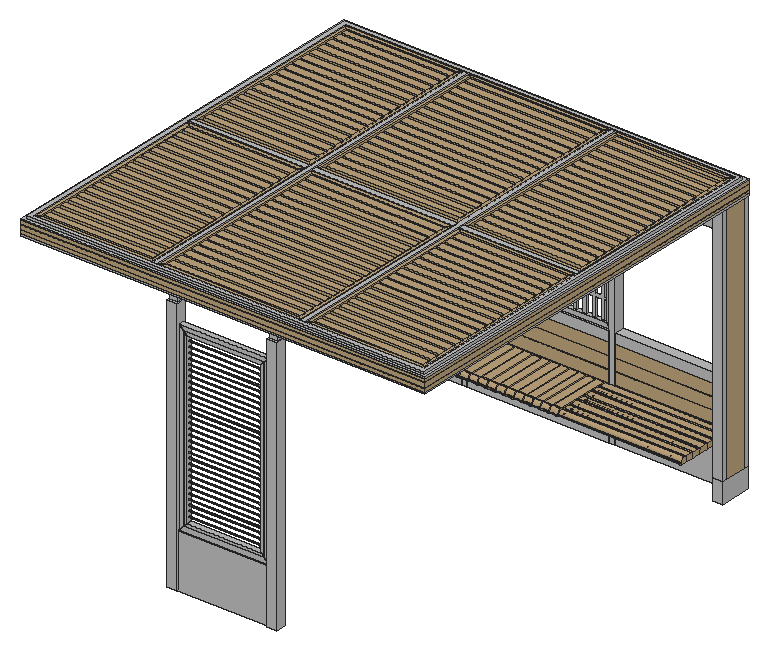
Revit family "L-FUR_파고라_DWP-N501_데오스웍스", category 일반 모델, Revit 2021
Family settings
  보강 철근 호스트 가능 = 아니오
  원형 커넥터 치수 = 지름 사용
  부품 유형 = 보통
  작업 기준면 기반 = 아니오
  항상 수직 = 예
  로드될 때 보이드를 사용하여 절단 = 아니오
  공유 = 아니오
  룸 계산 점 = 아니오
Parameters
  한국산업규격KS = ""
  조달청표준공사코드-세부공종 = "24072300"
  기본 입면도 = 0 mm
  건설정보분류체계-부위분류 = "E941"
  LIM_INFO_주의사항 = "재배포, 재가공, 판매 금지"
  LIM_INFO_제품업체 = "예건"
  LIM_INFO_제품번호 = "YF-16"
  LIM_INFO_제품명 = "펜스_YF-16"
  LIM_INFO_제작일 = "20230315"
  LIM_INFO_재료 = "Hardwood, STL-pipe, STL-plate"
  LIM_INFO_업체정보 = ""
  LIM_INFO_업체URL = "https://yekun.com/"
  LIM_INFO_업체TEL = "(+82)31-943-6114"
  LIM_INFO_업체EMAIL = "yekun@yekun.com"
  LIM_INFO_버전 = "2023_V01"
  LIM_INFO_기타정보 = ""
  LIM_INFO_규격 = "W2000 x H1800"
  LIM_INFO_가격 = 0
  LIM_INFO_PV_포장재여부 = yes
  LIM_INFO_PV_면적 = 0.00 m²
  KBIMS_식별-버전 = ""
  KBIMS_식별-bSK등록번호 = ""
  KBIMS_보급정보-저작자 = "림인포테크_MMJ"
  KBIMS_보급정보-보급코드 = ""
Reference planes
  plane 1 "중심(앞/뒤)": y = 0
  plane 2: z = 0
  plane 3 "중심(왼쪽/오른쪽)": x = 0
Dimensions and locks
  aligned and locked: level to plane 2
Nested families
  nested 1: "DWP-N501_base" at (0, 0, 0), type "DWP-N501_base"
Definition of nested family "DWP-N501_base"
  Parameters (values of type "DWP-N501_base")
    Default Elevation = 0 mm
  Reference planes
    plane 1 "중심(앞/뒤)": y = 0
    plane 2: z = 0
    plane 3 "중심(왼쪽/오른쪽)": x = 0
  Forms (mm)
    Extrusion 1, solid, detail levels fine
      sketch origin (0, 0, 0) x (1, 0, 0) y (0, 1, 0)
        loop
          line (2446.114, 85) -> (2446.114, -15) -> (2546.007, -15) -> (2546.007, 85) -> (2446.114, 85)
      from 0 to 2550
    Sweep 2, solid, detail levels fine
      path in 3D
        loop
          line (2363.797, 35.732, 2228) -> (1636.244, 35.732, 2228)
      profile "DWP-N501_프로파일 : DWP-N501_프로파일" origin (2000.02, 35.732, 2228) x (0, -1, 0) y (0, 0, 1)
        loop
          circle (0, 0) r 4.383
    Sweep 3, solid, detail levels fine
      path in 3D
        loop
          line (2363.797, 35.732, 2176) -> (1636.244, 35.732, 2176)
      profile "DWP-N501_프로파일 : DWP-N501_프로파일" origin (2000.02, 35.732, 2176) x (0, -1, 0) y (0, 0, 1)
        loop
          circle (0, 0) r 4.383
    Sweep 4, solid, detail levels fine
      path in 3D
        loop
          line (2363.797, 35.732, 2124) -> (1636.244, 35.732, 2124)
      profile "DWP-N501_프로파일 : DWP-N501_프로파일" origin (2000.02, 35.732, 2124) x (0, -1, 0) y (0, 0, 1)
        loop
          circle (0, 0) r 4.383
    Sweep 5, solid, detail levels fine
      path in 3D
        loop
          line (2363.797, 35.732, 2072) -> (1636.244, 35.732, 2072)
      profile "DWP-N501_프로파일 : DWP-N501_프로파일" origin (2000.02, 35.732, 2072) x (0, -1, 0) y (0, 0, 1)
        loop
          circle (0, 0) r 4.383
    Sweep 6, solid, detail levels fine
      path in 3D
        loop
          line (2363.797, 35.732, 2020) -> (1636.244, 35.732, 2020)
      profile "DWP-N501_프로파일 : DWP-N501_프로파일" origin (2000.02, 35.732, 2020) x (0, -1, 0) y (0, 0, 1)
        loop
          circle (0, 0) r 4.383
    Sweep 7, solid, detail levels fine
      path in 3D
        loop
          line (2363.797, 35.732, 1968) -> (1636.244, 35.732, 1968)
      profile "DWP-N501_프로파일 : DWP-N501_프로파일" origin (2000.02, 35.732, 1968) x (0, -1, 0) y (0, 0, 1)
        loop
          circle (0, 0) r 4.383
    Sweep 8, solid, detail levels fine
      path in 3D
        loop
          line (2363.797, 35.732, 1916) -> (1636.244, 35.732, 1916)
      profile "DWP-N501_프로파일 : DWP-N501_프로파일" origin (2000.02, 35.732, 1916) x (0, -1, 0) y (0, 0, 1)
        loop
          circle (0, 0) r 4.383
    Sweep 9, solid, detail levels fine
      path in 3D
        loop
          line (2363.797, 35.732, 1864) -> (1636.244, 35.732, 1864)
      profile "DWP-N501_프로파일 : DWP-N501_프로파일" origin (2000.02, 35.732, 1864) x (0, -1, 0) y (0, 0, 1)
        loop
          circle (0, 0) r 4.383
    Sweep 10, solid, detail levels fine
      path in 3D
        loop
          line (2363.797, 35.732, 1812) -> (1636.244, 35.732, 1812)
      profile "DWP-N501_프로파일 : DWP-N501_프로파일" origin (2000.02, 35.732, 1812) x (0, -1, 0) y (0, 0, 1)
        loop
          circle (0, 0) r 4.383
    Sweep 11, solid, detail levels fine
      path in 3D
        loop
          line (2363.797, 35.732, 1760) -> (1636.244, 35.732, 1760)
      profile "DWP-N501_프로파일 : DWP-N501_프로파일" origin (2000.02, 35.732, 1760) x (0, -1, 0) y (0, 0, 1)
        loop
          circle (0, 0) r 4.383
    Sweep 12, solid, detail levels fine
      path in 3D
        loop
          line (2363.797, 35.732, 1708) -> (1636.244, 35.732, 1708)
      profile "DWP-N501_프로파일 : DWP-N501_프로파일" origin (2000.02, 35.732, 1708) x (0, -1, 0) y (0, 0, 1)
        loop
          circle (0, 0) r 4.383
    Sweep 13, solid, detail levels fine
      path in 3D
        loop
          line (2363.797, 35.732, 1656) -> (1636.244, 35.732, 1656)
      profile "DWP-N501_프로파일 : DWP-N501_프로파일" origin (2000.02, 35.732, 1656) x (0, -1, 0) y (0, 0, 1)
        loop
          circle (0, 0) r 4.383
    Sweep 14, solid, detail levels fine
      path in 3D
        loop
          line (2363.797, 35.732, 1604) -> (1636.244, 35.732, 1604)
      profile "DWP-N501_프로파일 : DWP-N501_프로파일" origin (2000.02, 35.732, 1604) x (0, -1, 0) y (0, 0, 1)
        loop
          circle (0, 0) r 4.383
    Sweep 15, solid, detail levels fine
      path in 3D
        loop
          line (2363.797, 35.732, 1552) -> (1636.244, 35.732, 1552)
      profile "DWP-N501_프로파일 : DWP-N501_프로파일" origin (2000.02, 35.732, 1552) x (0, -1, 0) y (0, 0, 1)
        loop
          circle (0, 0) r 4.383
    Sweep 16, solid, detail levels fine
      path in 3D
        loop
          line (2363.797, 35.732, 1500) -> (1636.244, 35.732, 1500)
      profile "DWP-N501_프로파일 : DWP-N501_프로파일" origin (2000.02, 35.732, 1500) x (0, -1, 0) y (0, 0, 1)
        loop
          circle (0, 0) r 4.383
    Sweep 17, solid, detail levels fine
      path in 3D
        loop
          line (2363.797, 35.732, 1448) -> (1636.244, 35.732, 1448)
      profile "DWP-N501_프로파일 : DWP-N501_프로파일" origin (2000.02, 35.732, 1448) x (0, -1, 0) y (0, 0, 1)
        loop
          circle (0, 0) r 4.383
    Sweep 18, solid, detail levels fine
      path in 3D
        loop
          line (2363.797, 35.732, 1396) -> (1636.244, 35.732, 1396)
      profile "DWP-N501_프로파일 : DWP-N501_프로파일" origin (2000.02, 35.732, 1396) x (0, -1, 0) y (0, 0, 1)
        loop
          circle (0, 0) r 4.383
    Sweep 19, solid, detail levels fine
      path in 3D
        loop
          line (2363.797, 35.732, 1344) -> (1636.244, 35.732, 1344)
      profile "DWP-N501_프로파일 : DWP-N501_프로파일" origin (2000.02, 35.732, 1344) x (0, -1, 0) y (0, 0, 1)
        loop
          circle (0, 0) r 4.383
    Sweep 20, solid, detail levels fine
      path in 3D
        loop
          line (2363.797, 35.732, 1292) -> (1636.244, 35.732, 1292)
      profile "DWP-N501_프로파일 : DWP-N501_프로파일" origin (2000.02, 35.732, 1292) x (0, -1, 0) y (0, 0, 1)
        loop
          circle (0, 0) r 4.383
    Sweep 21, solid, detail levels fine
      path in 3D
        loop
          line (2363.797, 35.732, 1240) -> (1636.244, 35.732, 1240)
      profile "DWP-N501_프로파일 : DWP-N501_프로파일" origin (2000.02, 35.732, 1240) x (0, -1, 0) y (0, 0, 1)
        loop
          circle (0, 0) r 4.383
    Sweep 22, solid, detail levels fine
      path in 3D
        loop
          line (2363.797, 35.732, 1188) -> (1636.244, 35.732, 1188)
      profile "DWP-N501_프로파일 : DWP-N501_프로파일" origin (2000.02, 35.732, 1188) x (0, -1, 0) y (0, 0, 1)
        loop
          circle (0, 0) r 4.383
    Sweep 23, solid, detail levels fine
      path in 3D
        loop
          line (2363.797, 35.732, 1136) -> (1636.244, 35.732, 1136)
      profile "DWP-N501_프로파일 : DWP-N501_프로파일" origin (2000.02, 35.732, 1136) x (0, -1, 0) y (0, 0, 1)
        loop
          circle (0, 0) r 4.383
    Sweep 24, solid, detail levels fine
      path in 3D
        loop
          line (2363.797, 35.732, 1084) -> (1636.244, 35.732, 1084)
      profile "DWP-N501_프로파일 : DWP-N501_프로파일" origin (2000.02, 35.732, 1084) x (0, -1, 0) y (0, 0, 1)
        loop
          circle (0, 0) r 4.383
    Sweep 25, solid, detail levels fine
      path in 3D
        loop
          line (2363.797, 35.732, 1032) -> (1636.244, 35.732, 1032)
      profile "DWP-N501_프로파일 : DWP-N501_프로파일" origin (2000.02, 35.732, 1032) x (0, -1, 0) y (0, 0, 1)
        loop
          circle (0, 0) r 4.383
    Sweep 26, solid, detail levels fine
      path in 3D
        loop
          line (2363.797, 35.732, 980) -> (1636.244, 35.732, 980)
      profile "DWP-N501_프로파일 : DWP-N501_프로파일" origin (2000.02, 35.732, 980) x (0, -1, 0) y (0, 0, 1)
        loop
          circle (0, 0) r 4.383
    Sweep 27, solid, detail levels fine
      path in 3D
        loop
          line (2363.797, 35.732, 927.348) -> (1636.244, 35.732, 927.348)
      profile "DWP-N501_프로파일 : DWP-N501_프로파일" origin (2000.02, 35.732, 927.348) x (0, -1, 0) y (0, 0, 1)
        loop
          circle (0, 0) r 4.383
    Sweep 28, solid, detail levels fine
      path in 3D
        loop
          line (2363.797, 35.732, 875.348) -> (1636.244, 35.732, 875.348)
      profile "DWP-N501_프로파일 : DWP-N501_프로파일" origin (2000.02, 35.732, 875.348) x (0, -1, 0) y (0, 0, 1)
        loop
          circle (0, 0) r 4.383
    Sweep 29, solid, detail levels fine
      path in 3D
        loop
          line (2363.797, 35.732, 823.348) -> (1636.244, 35.732, 823.348)
      profile "DWP-N501_프로파일 : DWP-N501_프로파일" origin (2000.02, 35.732, 823.348) x (0, -1, 0) y (0, 0, 1)
        loop
          circle (0, 0) r 4.383
    Sweep 30, solid, detail levels fine
      path in 3D
        loop
          line (2363.797, 35.732, 771.348) -> (1636.244, 35.732, 771.348)
      profile "DWP-N501_프로파일 : DWP-N501_프로파일" origin (2000.02, 35.732, 771.348) x (0, -1, 0) y (0, 0, 1)
        loop
          circle (0, 0) r 4.383
    Sweep 31, solid, detail levels fine
      path in 3D
        loop
          line (2363.797, 35.732, 719.348) -> (1636.244, 35.732, 719.348)
      profile "DWP-N501_프로파일 : DWP-N501_프로파일" origin (2000.02, 35.732, 719.348) x (0, -1, 0) y (0, 0, 1)
        loop
          circle (0, 0) r 4.383
    Sweep 32, solid, detail levels fine
      path in 3D
        loop
          line (2363.797, 35.732, 667.348) -> (1636.244, 35.732, 667.348)
      profile "DWP-N501_프로파일 : DWP-N501_프로파일" origin (2000.02, 35.732, 667.348) x (0, -1, 0) y (0, 0, 1)
        loop
          circle (0, 0) r 4.383
    Extrusion 33, solid, detail levels fine
      sketch origin (1.179, 0, 10) x (1, 0, 0) y (0, 0, 1)
        loop
          line (1555.065, 2350) -> (1605.065, 2300) -> (2392.618, 2300) -> (2444.935, 2350) -> (1555.065, 2350)
        loop
          line (2391.73, 574.977) -> (1605.065, 574.977) -> (1555.065, 520.129) -> (2444.935, 520.129) -> (2391.73, 574.977)
      from -60 to -15
    Extrusion 34, solid, detail levels fine
      sketch origin (1.179, 0, 10) x (1, 0, 0) y (0, 0, 1)
        loop
          line (1555.065, 520.129) -> (1605.065, 574.977) -> (1605.065, 2300) -> (1555.065, 2350) -> (1555.065, 520.129)
        loop
          line (2392.618, 574.142) -> (2444.935, 520.129) -> (2444.935, 2350) -> (2392.618, 2300) -> (2392.618, 574.142)
      from -60 to -15
    Extrusion 35, solid, detail levels fine
      sketch origin (1.179, 0, 10) x (1, 0, 0) y (0, 0, 1)
        loop
          line (2392.618, 2300) -> (1605.065, 2300) -> (1635.065, 2270) -> (2362.618, 2270) -> (2392.618, 2300)
        loop
          line (1605.065, 574.977) -> (2392.618, 574.977) -> (2362.618, 604.977) -> (1635.065, 604.977) -> (1605.065, 574.977)
      from -60 to -15
    Extrusion 36, solid, detail levels fine
      sketch origin (1.179, 0, 10) x (1, 0, 0) y (0, 0, 1)
        loop
          line (2362.618, 604.977) -> (2392.618, 574.977) -> (2392.618, 2300) -> (2362.618, 2270) -> (2362.618, 604.977)
        loop
          line (1635.065, 2270) -> (1605.065, 2300) -> (1605.065, 574.977) -> (1635.065, 604.977) -> (1635.065, 2270)
      from -60 to -15
    Extrusion 37, solid, detail levels fine
      sketch origin (0, 0, 0) x (1, 0, 0) y (0, 0, 1)
        loop
          line (1556.244, 530.129) -> (1556.244, 0) -> (2446.114, 0) -> (2446.114, 530.129) -> (1556.244, 530.129)
      from -75 to 0
    Extrusion 38, solid, detail levels fine
      sketch origin (-987.407, 0, 0) x (1, 0, 0) y (0, 1, 0)
        loop
          line (2443.756, 85) -> (2443.756, -15) -> (2543.65, -15) -> (2543.65, 85) -> (2443.756, 85)
      from 0 to 2550
    Extrusion 39, solid, detail levels fine
      sketch origin (0, 0, 0) x (1, 0, 0) y (0, 1, 0)
        loop
          line (1468.797, 60) -> (1468.797, 15) -> (1543.797, 15) -> (1543.797, 60) -> (1468.797, 60)
        loop
          line (2456.203, 60) -> (2456.203, 15) -> (2531.203, 15) -> (2531.203, 60) -> (2456.203, 60)
      from 2550 to 2600
    Extrusion 40, solid, detail levels fine
      sketch origin (0, 0, 0) x (1, 0, 0) y (0, 0, 1)
        loop
          line (2705.171, 2257.667) -> (1294.739, 2257.667) -> (1339.739, 2212.667) -> (2660.171, 2212.667) -> (2705.171, 2257.667)
        loop
          line (1294.739, 990.129) -> (2705.171, 990.129) -> (2660.171, 1035.129) -> (1339.739, 1035.129) -> (1294.739, 990.129)
      from -3975 to -3925
    Extrusion 41, solid, detail levels fine
      sketch origin (0, 0, 0) x (1, 0, 0) y (0, 0, 1)
        loop
          line (1339.739, 2182.691) -> (1464.848, 2182.691) -> (1464.848, 2122.691) -> (1339.739, 2122.691) -> (1339.739, 2092.691) -> (1554.848, 2092.691) -> (1554.848, 2032.691) -> (1339.739, 2032.691) -> (1339.739, 2002.691) -> (1554.848, 2002.691) -> (1554.848, 1942.691) -> (1339.739, 1942.691) -> (1339.739, 1912.691) -> (1464.848, 1912.691) -> (1464.848, 1852.691) -> (1339.739, 1852.691) -> (1339.739, 1822.691) -> (1374.848, 1822.691) -> (1374.848, 1638.922) -> (1339.739, 1638.922) -> (1339.739, 1608.922) -> (1374.848, 1608.922) -> (1374.848, 1425.154) -> (1339.739, 1425.154) -> (1339.739, 1395.154) -> (1464.848, 1395.154) -> (1464.848, 1335.154) -> (1339.739, 1335.154) -> (1339.739, 1305.154) -> (1554.848, 1305.154) -> (1554.848, 1245.154) -> (1339.739, 1245.154) -> (1339.739, 1215.154) -> (1554.848, 1215.154) -> (1554.848, 1155.154) -> (1339.739, 1155.154) -> (1339.739, 1125.154) -> (1464.848, 1125.154) -> (1464.848, 1065.154) -> (1339.739, 1065.154) -> (1339.739, 1035.095) -> (1494.848, 1035.095) -> (1494.848, 1125.154) -> (1584.848, 1125.154) -> (1584.848, 1215.154) -> (1644.848, 1215.154) -> (1644.848, 1035.095) -> (1678.52, 1035.095) -> (1678.52, 1215.154) -> (1743.037, 1215.154) -> (1743.037, 1035.095) -> (1776.708, 1035.095) -> (1776.708, 1215.154) -> (2223.202, 1215.154) -> (2223.202, 1035.095) -> (2256.873, 1035.095) -> (2256.873, 1215.154) -> (2316.873, 1215.154) -> (2316.873, 1035.095) -> (2350.545, 1035.095) -> (2350.545, 1215.154) -> (2410.545, 1215.154) -> (2410.545, 1035.095) -> (2445.062, 1035.095) -> (2445.062, 1215.154) -> (2505.062, 1215.154) -> (2505.062, 1035.095) -> (2535.062, 1035.095) -> (2535.062, 1215.154) -> (2595.062, 1215.154) -> (2595.062, 1035.095) -> (2625.062, 1035.095) -> (2625.062, 1215.13) -> (2660.171, 1215.13) -> (2660.171, 1245.154) -> (2625.062, 1245.154) -> (2625.062, 1428.922) -> (2660.171, 1428.922) -> (2660.171, 1458.922) -> (2535.062, 1458.922) -> (2535.062, 1518.922) -> (2660.171, 1518.922) -> (2660.171, 1548.922) -> (2445.062, 1548.922) -> (2445.062, 1608.922) -> (2660.171, 1608.922) -> (2660.171, 1638.922) -> (2445.062, 1638.922) -> (2445.062, 1698.922) -> (2660.171, 1698.922) -> (2660.171, 1728.922) -> (2535.062, 1728.922) -> (2535.062, 1788.922) -> (2660.171, 1788.922) -> (2660.171, 1818.922) -> (2625.062, 1818.922) -> (2625.062, 2002.691) -> (2660.171, 2002.691) -> (2660.171, 2032.691) -> (2625.062, 2032.691) -> (2625.062, 2212.667) -> (2595.062, 2212.667) -> (2595.062, 2032.691) -> (2535.062, 2032.691) -> (2535.062, 2212.667) -> (2505.062, 2212.667) -> (2505.062, 2032.691) -> (2445.062, 2032.691) -> (2445.062, 2212.667) -> (2410.545, 2212.667) -> (2410.545, 2032.691) -> (2350.545, 2032.691) -> (2350.545, 2212.667) -> (2316.873, 2212.667) -> (2316.873, 2032.691) -> (2256.873, 2032.691) -> (2256.873, 2212.667) -> (2223.202, 2212.667) -> (2223.202, 2032.691) -> (1776.708, 2032.691) -> (1776.708, 2212.667) -> (1743.037, 2212.667) -> (1743.037, 2032.691) -> (1678.52, 2032.691) -> (1678.52, 2212.667) -> (1644.848, 2212.667) -> (1644.848, 2032.691) -> (1584.848, 2032.691) -> (1584.848, 2122.691) -> (1494.848, 2122.691) -> (1494.848, 2212.667) -> (1339.739, 2212.667) -> (1339.739, 2182.691)
        loop
          line (1494.848, 1638.922) -> (1554.848, 1638.922) -> (1554.848, 1912.691) -> (1494.848, 1912.691) -> (1494.848, 1638.922)
        loop
          line (1404.848, 1822.691) -> (1404.848, 1638.922) -> (1464.848, 1638.922) -> (1464.848, 1822.691) -> (1404.848, 1822.691)
        loop
          line (1404.848, 1425.154) -> (1464.848, 1425.154) -> (1464.848, 1608.922) -> (1404.848, 1608.922) -> (1404.848, 1425.154)
        loop
          line (1494.848, 1608.922) -> (1494.848, 1335.154) -> (1554.848, 1335.154) -> (1554.848, 1608.922) -> (1494.848, 1608.922)
        loop
          line (1584.848, 1245.154) -> (1644.848, 1245.154) -> (1644.848, 1608.922) -> (1584.848, 1608.922) -> (1584.848, 1335.154) -> (1584.848, 1245.154)
        loop
          line (1584.848, 1638.922) -> (1644.848, 1638.922) -> (1644.848, 2002.691) -> (1584.848, 2002.691) -> (1584.848, 1912.691) -> (1584.848, 1638.922)
        loop
          line (2595.062, 1818.922) -> (2595.062, 2002.691) -> (2535.062, 2002.691) -> (2535.062, 1818.922) -> (2595.062, 1818.922)
        loop
          line (2505.062, 2002.691) -> (2445.062, 2002.691) -> (2445.062, 1728.922) -> (2505.062, 1728.922) -> (2505.062, 2002.691)
        loop
          line (2410.545, 2002.691) -> (2350.545, 2002.691) -> (2350.545, 1638.922) -> (2410.545, 1638.922) -> (2410.545, 2002.691)
        loop
          line (2316.873, 1638.922) -> (2316.873, 2002.691) -> (2256.873, 2002.691) -> (2256.873, 1638.922) -> (2316.873, 1638.922)
        loop
          line (2223.202, 1638.922) -> (2223.202, 2002.691) -> (1776.708, 2002.691) -> (1776.708, 1638.922) -> (2223.202, 1638.922)
        loop
          line (1743.037, 2002.691) -> (1678.52, 2002.691) -> (1678.52, 1638.922) -> (1743.037, 1638.922) -> (1743.037, 2002.691)
        loop
          line (2595.062, 1428.922) -> (2535.062, 1428.922) -> (2535.062, 1245.154) -> (2595.062, 1245.154) -> (2595.062, 1428.922)
        loop
          line (2505.062, 1245.154) -> (2505.062, 1518.922) -> (2445.062, 1518.922) -> (2445.062, 1245.154) -> (2505.062, 1245.154)
        loop
          line (2410.545, 1245.154) -> (2410.545, 1608.922) -> (2350.545, 1608.922) -> (2350.545, 1245.154) -> (2410.545, 1245.154)
        loop
          line (2256.873, 1245.154) -> (2316.873, 1245.154) -> (2316.873, 1608.922) -> (2256.873, 1608.922) -> (2256.873, 1245.154)
        loop
          line (2223.202, 1245.154) -> (2223.202, 1608.922) -> (1776.708, 1608.922) -> (1776.708, 1245.154) -> (2223.202, 1245.154)
        loop
          line (1743.037, 1245.154) -> (1743.037, 1608.922) -> (1678.52, 1608.922) -> (1678.52, 1245.154) -> (1743.037, 1245.154)
      from -3954 to -3946
    Extrusion 42, solid, detail levels fine
      sketch origin (0, 0, 0) x (1, 0, 0) y (0, 0, 1)
        loop
          line (1339.739, 2212.667) -> (1294.739, 2257.667) -> (1294.739, 990.129) -> (1339.739, 1035.129) -> (1339.739, 2212.667)
        loop
          line (2705.171, 990.129) -> (2705.171, 2257.667) -> (2660.171, 2212.667) -> (2660.171, 1035.129) -> (2705.171, 990.129)
      from -3975 to -3925
    Extrusion 43, solid, detail levels fine
      sketch origin (0, 0, 0) x (1, 0, 0) y (0, 0, 1)
        loop
          line (1294.748, 2600) -> (1247.212, 2600) -> (1247.142, 0) -> (1294.678, 0) -> (1294.748, 2600)
        loop
          line (2754.979, 2600) -> (2705.206, 2600) -> (2705.136, 0) -> (2754.91, 0) -> (2754.979, 2600)
      from -4000 to -3900
    Extrusion 44, solid, detail levels fine
      sketch origin (0, 0, 0) x (1, 0, 0) y (0, 0, 1)
        loop
          line (1247.206, 2359) -> (100, 2359) -> (100, 2258.667) -> (1247.206, 2258.667) -> (1247.206, 2359)
        loop
          line (2705.165, 2359) -> (1294.739, 2359) -> (1294.739, 2258.667) -> (2705.165, 2258.667) -> (2705.165, 2359)
        loop
          line (2754.973, 2359) -> (2754.97, 2258.667) -> (3900, 2258.667) -> (3900, 2359) -> (2754.973, 2359)
        loop
          line (2754.933, 890.129) -> (3900, 890.129) -> (3900, 989.129) -> (2754.936, 989.129) -> (2754.933, 890.129)
        loop
          line (2705.16, 890.129) -> (2705.163, 989.129) -> (1294.705, 989.129) -> (1294.702, 890.129) -> (2705.16, 890.129)
        loop
          line (1247.166, 890.129) -> (1247.169, 989.129) -> (100, 989.129) -> (100, 890.129) -> (1247.166, 890.129)
      from -4000 to -3900
    Extrusion 45, solid, detail levels fine
      sketch origin (0, 0, 0) x (1, 0, 0) y (0, 0, 1)
        loop
          line (3900, 890.129) -> (2754.93, 890.129) -> (2754.93, 771.129) -> (3900, 771.129) -> (3900, 890.129)
        loop
          line (2705.16, 890.129) -> (1294.699, 890.129) -> (1294.699, 771.129) -> (2705.16, 771.129) -> (2705.16, 890.129)
        loop
          line (100, 890.129) -> (100, 771.129) -> (1247.163, 771.129) -> (1247.163, 890.129) -> (100, 890.129)
      from -3940 to -3900
    Extrusion 46, solid, detail levels fine
      sketch origin (0, 0, -120) x (1, 0, 0) y (0, 0, 1)
        loop
          line (3900, 889.129) -> (2754.93, 889.129) -> (2754.93, 771.129) -> (3900, 771.129) -> (3900, 889.129)
        loop
          line (2705.16, 889.129) -> (1294.699, 889.129) -> (1294.699, 771.129) -> (2705.16, 771.129) -> (2705.16, 889.129)
        loop
          line (100, 889.129) -> (100, 771.129) -> (1247.163, 771.129) -> (1247.163, 889.129) -> (100, 889.129)
      from -3940 to -3900
    Extrusion 47, solid, detail levels fine
      sketch origin (0, 0, -240) x (1, 0, 0) y (0, 0, 1)
        loop
          line (3900, 889.129) -> (2754.93, 889.129) -> (2754.93, 771.129) -> (3900, 771.129) -> (3900, 889.129)
        loop
          line (2705.16, 889.129) -> (1294.699, 889.129) -> (1294.699, 771.129) -> (2705.16, 771.129) -> (2705.16, 889.129)
        loop
          line (100, 889.129) -> (100, 771.129) -> (1247.163, 771.129) -> (1247.163, 889.129) -> (100, 889.129)
      from -3940 to -3900
    Extrusion 48, solid, detail levels fine
      sketch origin (0, 0, 1589.871) x (1, 0, 0) y (0, 0, 1)
        loop
          line (3900, 889.129) -> (2754.93, 889.129) -> (2754.93, 771.129) -> (3900, 771.129) -> (3900, 889.129)
        loop
          line (2705.16, 889.129) -> (1294.699, 889.129) -> (1294.699, 771.129) -> (2705.16, 771.129) -> (2705.16, 889.129)
        loop
          line (100, 889.129) -> (100, 771.129) -> (1247.163, 771.129) -> (1247.163, 889.129) -> (100, 889.129)
      from -3960 to -3900
    Extrusion 49, solid, detail levels fine
      sketch origin (0, 0, 1709.871) x (1, 0, 0) y (0, 0, 1)
        loop
          line (3900, 890.129) -> (2754.93, 890.129) -> (2754.93, 770.129) -> (3900, 770.129) -> (3900, 890.129)
        loop
          line (2705.16, 890.129) -> (1294.699, 890.129) -> (1294.699, 770.129) -> (2705.16, 770.129) -> (2705.16, 890.129)
        loop
          line (100, 890.129) -> (100, 770.129) -> (1247.163, 770.129) -> (1247.163, 890.129) -> (100, 890.129)
      from -3960 to -3900
    Extrusion 50, solid, detail levels fine
      sketch origin (0, 0, 0) x (1, 0, 0) y (0, 0, 1)
        loop
          line (3900, 530.129) -> (2754.91, 530.129) -> (2754.91, 0) -> (3900, 0) -> (3900, 530.129)
        loop
          line (2705.16, 530.129) -> (1294.678, 530.129) -> (1294.678, 0) -> (2705.16, 0) -> (2705.16, 530.129)
        loop
          line (1247.163, 530.129) -> (100, 530.129) -> (100, 0) -> (1247.163, 0) -> (1247.163, 530.129)
      from -4000 to -3900
    Extrusion 51, solid, detail levels fine
      sketch origin (0, 0, 0) x (1, 0, 0) y (0, 1, 0)
        loop
          line (2754.022, 75) -> (2754.022, 3925) -> (2704.022, 3925) -> (2704.022, 75) -> (2754.022, 75)
        loop
          line (1245.13, 3925) -> (1245.13, 75) -> (1294.788, 75) -> (1294.788, 3925) -> (1245.13, 3925)
      from 2670 to 2770
    Extrusion 52, solid, detail levels fine
      sketch origin (0, 0, 0) x (1, 0, 0) y (0, 1, 0)
        loop
          line (75, 2025) -> (75, 1975) -> (1245.13, 1975) -> (1245.13, 2025) -> (75, 2025)
        loop
          line (1294.788, 2025) -> (1294.788, 1975) -> (2704.022, 1975) -> (2704.022, 2025) -> (1294.788, 2025)
        loop
          line (2754.022, 2025) -> (2754.022, 1975) -> (3925.171, 1975) -> (3925.171, 2025) -> (2754.022, 2025)
      from 2670 to 2770
    Extrusion 53, solid, detail levels fine
      sketch origin (0, 0, 0) x (1, 0, 0) y (0, 1, 0)
        loop
          line (115, 3885) -> (1205.13, 3885) -> (1245.13, 3925) -> (75, 3925) -> (115, 3885)
        loop
          line (1334.788, 3885) -> (2664.022, 3885) -> (2704.022, 3925) -> (1294.788, 3925) -> (1334.788, 3885)
        loop
          line (2754.022, 3925) -> (2794.022, 3885) -> (3884.152, 3885) -> (3924.152, 3925) -> (2754.022, 3925)
        loop
          line (115, 2065) -> (75, 2025) -> (1245.13, 2025) -> (1205.13, 2065) -> (115, 2065)
        loop
          line (1334.788, 2065) -> (1294.788, 2025) -> (2704.022, 2025) -> (2664.022, 2065) -> (1334.788, 2065)
        loop
          line (2754.022, 2025) -> (3924.152, 2025) -> (3884.152, 2065) -> (2794.022, 2065) -> (2754.022, 2025)
        loop
          line (115, 1935) -> (1205.13, 1935) -> (1245.13, 1975) -> (75, 1975) -> (115, 1935)
        loop
          line (1294.788, 1975) -> (1334.788, 1935) -> (2664.022, 1935) -> (2704.022, 1975) -> (1294.788, 1975)
        loop
          line (2794.022, 1935) -> (3884.152, 1935) -> (3924.152, 1975) -> (2754.022, 1975) -> (2794.022, 1935)
        loop
          line (115, 115) -> (75, 75) -> (1245.13, 75) -> (1205.13, 115) -> (115, 115)
        loop
          line (1294.788, 75) -> (2704.022, 75) -> (2664.022, 115) -> (1334.788, 115) -> (1294.788, 75)
        loop
          line (2794.022, 115) -> (2754.022, 75) -> (3924.152, 75) -> (3884.152, 115) -> (2794.022, 115)
      from 2685 to 2765
    Extrusion 54, solid, detail levels fine
      sketch origin (0, 0, 0) x (1, 0, 0) y (0, 1, 0)
        loop
          line (75, 3925) -> (75, 2025) -> (115, 2065) -> (115, 3885) -> (75, 3925)
        loop
          line (1205.13, 3885) -> (1205.13, 2768.417) -> (1205.13, 2065) -> (1245.13, 2025) -> (1245.13, 3925) -> (1205.13, 3885)
        loop
          line (1334.788, 3885) -> (1294.788, 3925) -> (1294.788, 2025) -> (1334.788, 2065) -> (1334.788, 3885)
        loop
          line (2664.022, 3885) -> (2664.022, 2065) -> (2704.022, 2025) -> (2704.022, 3925) -> (2664.022, 3885)
        loop
          line (2754.022, 2025) -> (2794.022, 2065) -> (2794.022, 3885) -> (2754.022, 3925) -> (2754.022, 2025)
        loop
          line (3884.152, 3885) -> (3884.152, 2065) -> (3925, 2024.152) -> (3925, 3925) -> (3924.152, 3925) -> (3884.152, 3885)
        loop
          line (75, 1975) -> (75, 75) -> (115, 115) -> (115, 1935) -> (75, 1975)
        loop
          line (1205.13, 1935) -> (1205.13, 115) -> (1245.13, 75) -> (1245.13, 1975) -> (1205.13, 1935)
        loop
          line (1294.788, 75) -> (1334.788, 115) -> (1334.788, 1935) -> (1294.788, 1975) -> (1294.788, 75)
        loop
          line (2664.022, 1935) -> (2664.022, 115) -> (2704.022, 75) -> (2704.022, 1975) -> (2664.022, 1935)
        loop
          line (2754.022, 75) -> (2794.022, 115) -> (2794.022, 1935) -> (2754.022, 1975) -> (2754.022, 75)
        loop
          line (3884.152, 1935) -> (3884.152, 115) -> (3925, 74.152) -> (3925, 1975.848) -> (3884.152, 1935)
      from 2685 to 2765
    Extrusion 55, solid, detail levels fine
      sketch origin (0, -15, 0) x (1, 0, 0) y (0, 1, 0)
        loop
          line (0, 4015) -> (0, 15) -> (4000, 15) -> (4000, 4015) -> (0, 4015)
        loop
          line (3965, 50) -> (3965, 3980) -> (35, 3980) -> (35, 50) -> (3965, 50)
      from 2600 to 2612.5
    Extrusion 56, solid, detail levels fine
      sketch origin (0, 200, 0) x (0, 1, 0) y (0, 0, 1)
        loop
          line (3695, 525) -> (3625, 525)
          arc (3625, 525) -> (3621.464, 523.536) -> (3620, 520) r 5
          line (3620, 520) -> (3620, 480)
          arc (3620, 480) -> (3621.464, 476.464) -> (3625, 475) r 5
          line (3625, 475) -> (3695, 475)
          arc (3695, 475) -> (3698.536, 476.464) -> (3700, 480) r 5
          line (3700, 480) -> (3700, 520)
          arc (3700, 520) -> (3698.536, 523.536) -> (3695, 525) r 5
        loop
          line (3605, 525) -> (3535, 525)
          arc (3535, 525) -> (3531.464, 523.536) -> (3530, 520) r 5
          line (3530, 520) -> (3530, 480)
          arc (3530, 480) -> (3531.464, 476.464) -> (3535, 475) r 5
          line (3535, 475) -> (3605, 475)
          arc (3605, 475) -> (3608.536, 476.464) -> (3610, 480) r 5
          line (3610, 480) -> (3610, 520)
          arc (3610, 520) -> (3608.536, 523.536) -> (3605, 525) r 5
        loop
          line (3515, 525) -> (3445, 525)
          arc (3445, 525) -> (3441.464, 523.536) -> (3440, 520) r 5
          line (3440, 520) -> (3440, 480)
          arc (3440, 480) -> (3441.464, 476.464) -> (3445, 475) r 5
          line (3445, 475) -> (3515, 475)
          arc (3515, 475) -> (3518.536, 476.464) -> (3520, 480) r 5
          line (3520, 480) -> (3520, 520)
          arc (3520, 520) -> (3518.536, 523.536) -> (3515, 525) r 5
        loop
          line (3425, 525) -> (3355, 525)
          arc (3355, 525) -> (3351.464, 523.536) -> (3350, 520) r 5
          line (3350, 520) -> (3350, 480)
          arc (3350, 480) -> (3351.464, 476.464) -> (3355, 475) r 5
          line (3355, 475) -> (3425, 475)
          arc (3425, 475) -> (3428.536, 476.464) -> (3430, 480) r 5
          line (3430, 480) -> (3430, 520)
          arc (3430, 520) -> (3428.536, 523.536) -> (3425, 525) r 5
        loop
          line (3335, 525) -> (3265, 525)
          arc (3265, 525) -> (3261.464, 523.536) -> (3260, 520) r 5
          line (3260, 520) -> (3260, 480)
          arc (3260, 480) -> (3261.464, 476.464) -> (3265, 475) r 5
          line (3265, 475) -> (3335, 475)
          arc (3335, 475) -> (3338.536, 476.464) -> (3340, 480) r 5
          line (3340, 480) -> (3340, 520)
          arc (3340, 520) -> (3338.536, 523.536) -> (3335, 525) r 5
        loop
          line (3245, 525) -> (3175, 525)
          arc (3175, 525) -> (3171.464, 523.536) -> (3170, 520) r 5
          line (3170, 520) -> (3170, 480)
          arc (3170, 480) -> (3171.464, 476.464) -> (3175, 475) r 5
          line (3175, 475) -> (3245, 475)
          arc (3245, 475) -> (3248.536, 476.464) -> (3250, 480) r 5
          line (3250, 480) -> (3250, 520)
          arc (3250, 520) -> (3248.536, 523.536) -> (3245, 525) r 5
        loop
          line (3167.5, 475) -> (3167.5, 520)
          arc (3167.5, 520) -> (3166.036, 523.536) -> (3162.5, 525) r 5
          line (3162.5, 525) -> (3155, 525)
          arc (3155, 525) -> (3130.251, 514.749) -> (3120, 490) r 35
          line (3120, 490) -> (3120, 480)
          arc (3120, 480) -> (3121.464, 476.464) -> (3125, 475) r 5
          line (3125, 475) -> (3167.5, 475)
      from 1334.788 to 100
    Extrusion 57, solid, detail levels fine
      sketch origin (0, 200, 0) x (0, 1, 0) y (0, 0, 1)
        loop
          line (3695, 525) -> (3625, 525)
          arc (3625, 525) -> (3621.464, 523.536) -> (3620, 520) r 5
          line (3620, 520) -> (3620, 480)
          arc (3620, 480) -> (3621.464, 476.464) -> (3625, 475) r 5
          line (3625, 475) -> (3695, 475)
          arc (3695, 475) -> (3698.536, 476.464) -> (3700, 480) r 5
          line (3700, 480) -> (3700, 520)
          arc (3700, 520) -> (3698.536, 523.536) -> (3695, 525) r 5
        loop
          line (3605, 525) -> (3535, 525)
          arc (3535, 525) -> (3531.464, 523.536) -> (3530, 520) r 5
          line (3530, 520) -> (3530, 480)
          arc (3530, 480) -> (3531.464, 476.464) -> (3535, 475) r 5
          line (3535, 475) -> (3605, 475)
          arc (3605, 475) -> (3608.536, 476.464) -> (3610, 480) r 5
          line (3610, 480) -> (3610, 520)
          arc (3610, 520) -> (3608.536, 523.536) -> (3605, 525) r 5
        loop
          line (3515, 525) -> (3445, 525)
          arc (3445, 525) -> (3441.464, 523.536) -> (3440, 520) r 5
          line (3440, 520) -> (3440, 480)
          arc (3440, 480) -> (3441.464, 476.464) -> (3445, 475) r 5
          line (3445, 475) -> (3515, 475)
          arc (3515, 475) -> (3518.536, 476.464) -> (3520, 480) r 5
          line (3520, 480) -> (3520, 520)
          arc (3520, 520) -> (3518.536, 523.536) -> (3515, 525) r 5
        loop
          line (3425, 525) -> (3355, 525)
          arc (3355, 525) -> (3351.464, 523.536) -> (3350, 520) r 5
          line (3350, 520) -> (3350, 480)
          arc (3350, 480) -> (3351.464, 476.464) -> (3355, 475) r 5
          line (3355, 475) -> (3425, 475)
          arc (3425, 475) -> (3428.536, 476.464) -> (3430, 480) r 5
          line (3430, 480) -> (3430, 520)
          arc (3430, 520) -> (3428.536, 523.536) -> (3425, 525) r 5
        loop
          line (3335, 525) -> (3265, 525)
          arc (3265, 525) -> (3261.464, 523.536) -> (3260, 520) r 5
          line (3260, 520) -> (3260, 480)
          arc (3260, 480) -> (3261.464, 476.464) -> (3265, 475) r 5
          line (3265, 475) -> (3335, 475)
          arc (3335, 475) -> (3338.536, 476.464) -> (3340, 480) r 5
          line (3340, 480) -> (3340, 520)
          arc (3340, 520) -> (3338.536, 523.536) -> (3335, 525) r 5
        loop
          line (3245, 525) -> (3175, 525)
          arc (3175, 525) -> (3171.464, 523.536) -> (3170, 520) r 5
          line (3170, 520) -> (3170, 480)
          arc (3170, 480) -> (3171.464, 476.464) -> (3175, 475) r 5
          line (3175, 475) -> (3245, 475)
          arc (3245, 475) -> (3248.536, 476.464) -> (3250, 480) r 5
          line (3250, 480) -> (3250, 520)
          arc (3250, 520) -> (3248.536, 523.536) -> (3245, 525) r 5
        loop
          line (3167.5, 475) -> (3167.5, 520)
          arc (3167.5, 520) -> (3166.036, 523.536) -> (3162.5, 525) r 5
          line (3162.5, 525) -> (3155, 525)
          arc (3155, 525) -> (3130.251, 514.749) -> (3120, 490) r 35
          line (3120, 490) -> (3120, 480)
          arc (3120, 480) -> (3121.464, 476.464) -> (3125, 475) r 5
          line (3125, 475) -> (3167.5, 475)
      from 3884.152 to 2665
    Extrusion 58, solid, detail levels fine
      sketch origin (0, 0, 0) x (0, 1, 0) y (0, 0, 1)
        loop
          line (3895, 525) -> (3367.869, 525) -> (3355, 525)
          arc (3355, 525) -> (3330.251, 514.749) -> (3320, 490) r 35
          line (3320, 490) -> (3320, 480)
          arc (3320, 480) -> (3321.464, 476.464) -> (3325, 475) r 5
          line (3325, 475) -> (3895, 475)
          arc (3895, 475) -> (3898.536, 476.464) -> (3900, 480) r 5
          line (3900, 480) -> (3900, 520)
          arc (3900, 520) -> (3898.536, 523.536) -> (3895, 525) r 5
      from 1415 to 1334.788
    Extrusion 59, solid, detail levels fine
      sketch origin (0, 0, 0) x (0, 1, 0) y (0, 0, 1)
        loop
          line (3895, 525) -> (3367.869, 525) -> (3355, 525)
          arc (3355, 525) -> (3330.251, 514.749) -> (3320, 490) r 35
          line (3320, 490) -> (3320, 480)
          arc (3320, 480) -> (3321.464, 476.464) -> (3325, 475) r 5
          line (3325, 475) -> (3895, 475)
          arc (3895, 475) -> (3898.536, 476.464) -> (3900, 480) r 5
          line (3900, 480) -> (3900, 520)
          arc (3900, 520) -> (3898.536, 523.536) -> (3895, 525) r 5
      from 1685 to 1605
    Extrusion 60, solid, detail levels fine
      sketch origin (0, 0, 0) x (0, 1, 0) y (0, 0, 1)
        loop
          line (3895, 525) -> (3367.869, 525) -> (3355, 525)
          arc (3355, 525) -> (3330.251, 514.749) -> (3320, 490) r 35
          line (3320, 490) -> (3320, 480)
          arc (3320, 480) -> (3321.464, 476.464) -> (3325, 475) r 5
          line (3325, 475) -> (3895, 475)
          arc (3895, 475) -> (3898.536, 476.464) -> (3900, 480) r 5
          line (3900, 480) -> (3900, 520)
          arc (3900, 520) -> (3898.536, 523.536) -> (3895, 525) r 5
      from 1595 to 1515
    Extrusion 61, solid, detail levels fine
      sketch origin (0, 0, 0) x (0, 1, 0) y (0, 0, 1)
        loop
          line (3895, 525) -> (3367.869, 525) -> (3355, 525)
          arc (3355, 525) -> (3330.251, 514.749) -> (3320, 490) r 35
          line (3320, 490) -> (3320, 480)
          arc (3320, 480) -> (3321.464, 476.464) -> (3325, 475) r 5
          line (3325, 475) -> (3895, 475)
          arc (3895, 475) -> (3898.536, 476.464) -> (3900, 480) r 5
          line (3900, 480) -> (3900, 520)
          arc (3900, 520) -> (3898.536, 523.536) -> (3895, 525) r 5
      from 1505 to 1425
    Extrusion 62, solid, detail levels fine
      sketch origin (0, 0, 0) x (0, 1, 0) y (0, 0, 1)
        loop
          line (3895, 525) -> (3367.869, 525) -> (3355, 525)
          arc (3355, 525) -> (3330.251, 514.749) -> (3320, 490) r 35
          line (3320, 490) -> (3320, 480)
          arc (3320, 480) -> (3321.464, 476.464) -> (3325, 475) r 5
          line (3325, 475) -> (3895, 475)
          arc (3895, 475) -> (3898.536, 476.464) -> (3900, 480) r 5
          line (3900, 480) -> (3900, 520)
          arc (3900, 520) -> (3898.536, 523.536) -> (3895, 525) r 5
      from 2225 to 2145
    Extrusion 63, solid, detail levels fine
      sketch origin (0, 0, 0) x (0, 1, 0) y (0, 0, 1)
        loop
          line (3895, 525) -> (3367.869, 525) -> (3355, 525)
          arc (3355, 525) -> (3330.251, 514.749) -> (3320, 490) r 35
          line (3320, 490) -> (3320, 480)
          arc (3320, 480) -> (3321.464, 476.464) -> (3325, 475) r 5
          line (3325, 475) -> (3895, 475)
          arc (3895, 475) -> (3898.536, 476.464) -> (3900, 480) r 5
          line (3900, 480) -> (3900, 520)
          arc (3900, 520) -> (3898.536, 523.536) -> (3895, 525) r 5
      from 1865 to 1785
    Extrusion 64, solid, detail levels fine
      sketch origin (0, 0, 0) x (0, 1, 0) y (0, 0, 1)
        loop
          line (3895, 525) -> (3367.869, 525) -> (3355, 525)
          arc (3355, 525) -> (3330.251, 514.749) -> (3320, 490) r 35
          line (3320, 490) -> (3320, 480)
          arc (3320, 480) -> (3321.464, 476.464) -> (3325, 475) r 5
          line (3325, 475) -> (3895, 475)
          arc (3895, 475) -> (3898.536, 476.464) -> (3900, 480) r 5
          line (3900, 480) -> (3900, 520)
          arc (3900, 520) -> (3898.536, 523.536) -> (3895, 525) r 5
      from 1775 to 1695
    Extrusion 65, solid, detail levels fine
      sketch origin (0, 0, 0) x (0, 1, 0) y (0, 0, 1)
        loop
          line (3895, 525) -> (3367.869, 525) -> (3355, 525)
          arc (3355, 525) -> (3330.251, 514.749) -> (3320, 490) r 35
          line (3320, 490) -> (3320, 480)
          arc (3320, 480) -> (3321.464, 476.464) -> (3325, 475) r 5
          line (3325, 475) -> (3895, 475)
          arc (3895, 475) -> (3898.536, 476.464) -> (3900, 480) r 5
          line (3900, 480) -> (3900, 520)
          arc (3900, 520) -> (3898.536, 523.536) -> (3895, 525) r 5
      from 2135 to 2055
    Extrusion 66, solid, detail levels fine
      sketch origin (0, 0, 0) x (0, 1, 0) y (0, 0, 1)
        loop
          line (3895, 525) -> (3367.869, 525) -> (3355, 525)
          arc (3355, 525) -> (3330.251, 514.749) -> (3320, 490) r 35
          line (3320, 490) -> (3320, 480)
          arc (3320, 480) -> (3321.464, 476.464) -> (3325, 475) r 5
          line (3325, 475) -> (3895, 475)
          arc (3895, 475) -> (3898.536, 476.464) -> (3900, 480) r 5
          line (3900, 480) -> (3900, 520)
          arc (3900, 520) -> (3898.536, 523.536) -> (3895, 525) r 5
      from 2045 to 1965
    Extrusion 67, solid, detail levels fine
      sketch origin (0, 0, 0) x (0, 1, 0) y (0, 0, 1)
        loop
          line (3895, 525) -> (3367.869, 525) -> (3355, 525)
          arc (3355, 525) -> (3330.251, 514.749) -> (3320, 490) r 35
          line (3320, 490) -> (3320, 480)
          arc (3320, 480) -> (3321.464, 476.464) -> (3325, 475) r 5
          line (3325, 475) -> (3895, 475)
          arc (3895, 475) -> (3898.536, 476.464) -> (3900, 480) r 5
          line (3900, 480) -> (3900, 520)
          arc (3900, 520) -> (3898.536, 523.536) -> (3895, 525) r 5
      from 1955 to 1875
    Extrusion 68, solid, detail levels fine
      sketch origin (0, 0, 0) x (0, 1, 0) y (0, 0, 1)
        loop
          line (3895, 525) -> (3367.869, 525) -> (3355, 525)
          arc (3355, 525) -> (3330.251, 514.749) -> (3320, 490) r 35
          line (3320, 490) -> (3320, 480)
          arc (3320, 480) -> (3321.464, 476.464) -> (3325, 475) r 5
          line (3325, 475) -> (3895, 475)
          arc (3895, 475) -> (3898.536, 476.464) -> (3900, 480) r 5
          line (3900, 480) -> (3900, 520)
          arc (3900, 520) -> (3898.536, 523.536) -> (3895, 525) r 5
      from 2315 to 2235
    Extrusion 69, solid, detail levels fine
      sketch origin (0, 0, 0) x (0, 1, 0) y (0, 0, 1)
        loop
          line (3895, 525) -> (3367.869, 525) -> (3355, 525)
          arc (3355, 525) -> (3330.251, 514.749) -> (3320, 490) r 35
          line (3320, 490) -> (3320, 480)
          arc (3320, 480) -> (3321.464, 476.464) -> (3325, 475) r 5
          line (3325, 475) -> (3895, 475)
          arc (3895, 475) -> (3898.536, 476.464) -> (3900, 480) r 5
          line (3900, 480) -> (3900, 520)
          arc (3900, 520) -> (3898.536, 523.536) -> (3895, 525) r 5
      from 2405 to 2325
    Extrusion 70, solid, detail levels fine
      sketch origin (0, 0, 0) x (0, 1, 0) y (0, 0, 1)
        loop
          line (3895, 525) -> (3367.869, 525) -> (3355, 525)
          arc (3355, 525) -> (3330.251, 514.749) -> (3320, 490) r 35
          line (3320, 490) -> (3320, 480)
          arc (3320, 480) -> (3321.464, 476.464) -> (3325, 475) r 5
          line (3325, 475) -> (3895, 475)
          arc (3895, 475) -> (3898.536, 476.464) -> (3900, 480) r 5
          line (3900, 480) -> (3900, 520)
          arc (3900, 520) -> (3898.536, 523.536) -> (3895, 525) r 5
      from 2485 to 2415
    Extrusion 71, solid, detail levels fine
      sketch origin (0, 0, 0) x (0, 1, 0) y (0, 0, 1)
        loop
          line (3895, 525) -> (3367.869, 525) -> (3355, 525)
          arc (3355, 525) -> (3330.251, 514.749) -> (3320, 490) r 35
          line (3320, 490) -> (3320, 480)
          arc (3320, 480) -> (3321.464, 476.464) -> (3325, 475) r 5
          line (3325, 475) -> (3895, 475)
          arc (3895, 475) -> (3898.536, 476.464) -> (3900, 480) r 5
          line (3900, 480) -> (3900, 520)
          arc (3900, 520) -> (3898.536, 523.536) -> (3895, 525) r 5
      from 2575 to 2495
    Extrusion 72, solid, detail levels fine
      sketch origin (0, 0, 0) x (0, 1, 0) y (0, 0, 1)
        loop
          line (3895, 525) -> (3367.869, 525) -> (3355, 525)
          arc (3355, 525) -> (3330.251, 514.749) -> (3320, 490) r 35
          line (3320, 490) -> (3320, 480)
          arc (3320, 480) -> (3321.464, 476.464) -> (3325, 475) r 5
          line (3325, 475) -> (3895, 475)
          arc (3895, 475) -> (3898.536, 476.464) -> (3900, 480) r 5
          line (3900, 480) -> (3900, 520)
          arc (3900, 520) -> (3898.536, 523.536) -> (3895, 525) r 5
      from 2664.022 to 2585
    Extrusion 73, solid, detail levels fine
      sketch origin (0, 0, 0) x (1, 0, 0) y (0, 0, 1)
        loop
          line (0, 200) -> (100, 200) -> (100, 2600) -> (0, 2600) -> (0, 200)
      from -3685 to -3725
    Extrusion 74, solid, detail levels fine
      sketch origin (0, 0, 0) x (1, 0, 0) y (0, 0, 1)
        loop
          line (0, 200) -> (100, 200) -> (100, 2612.5) -> (0, 2612.5) -> (0, 200)
      from -3960 to -4000
    Extrusion 75, solid, detail levels fine
      sketch origin (0, 0, 0) x (1, 0, 0) y (0, 0, 1)
        loop
          line (0, 200) -> (100, 200) -> (100, 2600) -> (0, 2600) -> (0, 200)
      from -3725 to -3960
    Extrusion 76, solid, detail levels fine
      sketch origin (0, 0, 0) x (0, 1, 0) y (0, 0, 1)
        loop
          line (3685, 200) -> (3685, 0) -> (4000, 0) -> (4000, 200) -> (3685, 200)
      from 100 to 0
    Extrusion 77, solid, detail levels fine
      sketch origin (3900, 0, 0) x (1, 0, 0) y (0, 0, 1)
        loop
          line (0, 200) -> (100, 200) -> (100, 2600) -> (0, 2600) -> (0, 200)
      from -3685 to -3725
    Extrusion 78, solid, detail levels fine
      sketch origin (3900, 0, 0) x (1, 0, 0) y (0, 0, 1)
        loop
          line (0, 200) -> (100, 200) -> (100, 2612.5) -> (0, 2612.5) -> (0, 200)
      from -3960 to -4000
    Extrusion 79, solid, detail levels fine
      sketch origin (3900, 0, 0) x (1, 0, 0) y (0, 0, 1)
        loop
          line (0, 200) -> (100, 200) -> (100, 2600) -> (0, 2600) -> (0, 200)
      from -3725 to -3960
    Extrusion 80, solid, detail levels fine
      sketch origin (3900, 0, 0) x (0, 1, 0) y (0, 0, 1)
        loop
          line (3685, 200) -> (3685, 0) -> (4000, 0) -> (4000, 200) -> (3685, 200)
      from 100 to 0
    Extrusion 81, solid, detail levels fine
      sketch origin (0, -15, 0) x (1, 0, 0) y (0, 1, 0)
        loop
          line (35, 3980) -> (35, 49.152) -> (3965, 49.152) -> (3965, 3980) -> (35, 3980)
        loop
          line (3925, 89.152) -> (3925, 3940) -> (75, 3940) -> (75, 89.152) -> (3925, 89.152)
      from 2612.5 to 2770
    Extrusion 82, solid, detail levels fine
      sketch origin (0, 0, 0) x (1, 0, 0) y (0, 1, 0)
        loop
          line (4000, 0) -> (4000, 4000) -> (0, 4000) -> (0, 0) -> (4000, 0)
        loop
          line (35, 35) -> (3965, 35) -> (3965, 3965) -> (35, 3965) -> (35, 35)
      from 2737.5 to 2702.75
    Extrusion 83, solid, detail levels fine
      sketch origin (0, 0, 0) x (1, 0, 0) y (0, 1, 0)
        loop
          line (4000, 0) -> (4000, 4000) -> (0, 4000) -> (0, 0) -> (4000, 0)
        loop
          line (35, 35) -> (3965, 35) -> (3965, 3965) -> (35, 3965) -> (35, 35)
      from 2697.312 to 2652.688
    Extrusion 84, solid, detail levels fine
      sketch origin (0, 0, 0) x (1, 0, 0) y (0, 1, 0)
        loop
          line (4000, 0) -> (4000, 4000) -> (0, 4000) -> (0, 0) -> (4000, 0)
        loop
          line (35, 35) -> (3965, 35) -> (3965, 3965) -> (35, 3965) -> (35, 35)
      from 2647.25 to 2612.5
    Extrusion 85, solid, detail levels fine
      sketch origin (0, 0, 0) x (1, 0, 0) y (0, 1, 0)
        loop
          line (0, 4000) -> (0, 0) -> (4000, 0) -> (4000, 4000) -> (0, 4000)
        loop
          line (35, 3965) -> (35, 35) -> (3965, 35) -> (3965, 3965) -> (35, 3965)
      from 2750 to 2737.5
    Extrusion 86, solid, detail levels fine
      sketch origin (0, 0, 0) x (1, 0, 0) y (0, 1, 0)
        loop
          line (2794.022, 311.109) -> (2794.022, 238.891) -> (3884.152, 238.891) -> (3884.152, 311.109) -> (2794.022, 311.109)
        loop
          line (2794.022, 210.607) -> (2794.022, 138.388) -> (3884.152, 138.388) -> (3884.152, 210.607) -> (2794.022, 210.607)
        loop
          line (2794.022, 411.612) -> (2794.022, 339.393) -> (3884.152, 339.393) -> (3884.152, 411.612) -> (2794.022, 411.612)
        loop
          line (2794.022, 612.617) -> (2794.022, 540.398) -> (3884.152, 540.398) -> (3884.152, 612.617) -> (2794.022, 612.617)
        loop
          line (2794.022, 512.114) -> (2794.022, 439.896) -> (3884.152, 439.896) -> (3884.152, 512.114) -> (2794.022, 512.114)
        loop
          line (2794.022, 713.119) -> (2794.022, 640.901) -> (3884.152, 640.901) -> (3884.152, 713.119) -> (2794.022, 713.119)
        loop
          line (2794.022, 914.124) -> (2794.022, 841.906) -> (3884.152, 841.906) -> (3884.152, 914.124) -> (2794.022, 914.124)
        loop
          line (2794.022, 813.622) -> (2794.022, 741.403) -> (3884.152, 741.403) -> (3884.152, 813.622) -> (2794.022, 813.622)
        loop
          line (2794.022, 1014.627) -> (2794.022, 942.409) -> (3884.152, 942.409) -> (3884.152, 1014.627) -> (2794.022, 1014.627)
        loop
          line (2794.022, 1215.632) -> (2794.022, 1143.414) -> (3884.152, 1143.414) -> (3884.152, 1215.632) -> (2794.022, 1215.632)
        loop
          line (2794.022, 1115.129) -> (2794.022, 1042.911) -> (3884.152, 1042.911) -> (3884.152, 1115.129) -> (2794.022, 1115.129)
        loop
          line (2794.022, 1316.134) -> (2794.022, 1243.916) -> (3884.152, 1243.916) -> (3884.152, 1316.134) -> (2794.022, 1316.134)
        loop
          line (2794.022, 1517.139) -> (2794.022, 1444.921) -> (3884.152, 1444.921) -> (3884.152, 1517.139) -> (2794.022, 1517.139)
        loop
          line (2794.022, 1416.637) -> (2794.022, 1344.419) -> (3884.152, 1344.419) -> (3884.152, 1416.637) -> (2794.022, 1416.637)
        loop
          line (2794.022, 1617.642) -> (2794.022, 1545.424) -> (3884.152, 1545.424) -> (3884.152, 1617.642) -> (2794.022, 1617.642)
        loop
          line (2794.022, 1818.647) -> (2794.022, 1746.429) -> (3884.152, 1746.429) -> (3884.152, 1818.647) -> (2794.022, 1818.647)
        loop
          line (2794.022, 1718.144) -> (2794.022, 1645.926) -> (3884.152, 1645.926) -> (3884.152, 1718.144) -> (2794.022, 1718.144)
        loop
          line (2794.022, 1919.15) -> (2794.022, 1846.931) -> (3884.152, 1846.931) -> (3884.152, 1919.15) -> (2794.022, 1919.15)
        loop
          line (1334.788, 311.109) -> (1334.788, 238.891) -> (2664.022, 238.891) -> (2664.022, 311.109) -> (1334.788, 311.109)
        loop
          line (1334.788, 210.607) -> (1334.788, 138.388) -> (2664.022, 138.388) -> (2664.022, 210.607) -> (1334.788, 210.607)
        loop
          line (1334.788, 411.612) -> (1334.788, 339.393) -> (2664.022, 339.393) -> (2664.022, 411.612) -> (1334.788, 411.612)
        loop
          line (1334.788, 612.617) -> (1334.788, 540.398) -> (2664.022, 540.398) -> (2664.022, 612.617) -> (1334.788, 612.617)
        loop
          line (1334.788, 512.114) -> (1334.788, 439.896) -> (2664.022, 439.896) -> (2664.022, 512.114) -> (1334.788, 512.114)
        loop
          line (1334.788, 713.119) -> (1334.788, 640.901) -> (2664.022, 640.901) -> (2664.022, 713.119) -> (1334.788, 713.119)
        loop
          line (1334.788, 914.124) -> (1334.788, 841.906) -> (2664.022, 841.906) -> (2664.022, 914.124) -> (1334.788, 914.124)
        loop
          line (1334.788, 813.622) -> (1334.788, 741.403) -> (2664.022, 741.403) -> (2664.022, 813.622) -> (1334.788, 813.622)
        loop
          line (1334.788, 1014.627) -> (1334.788, 942.409) -> (2664.022, 942.409) -> (2664.022, 1014.627) -> (1334.788, 1014.627)
        loop
          line (1334.788, 1215.632) -> (1334.788, 1143.414) -> (2664.022, 1143.414) -> (2664.022, 1215.632) -> (1334.788, 1215.632)
        loop
          line (1334.788, 1115.129) -> (1334.788, 1042.911) -> (2664.022, 1042.911) -> (2664.022, 1115.129) -> (1334.788, 1115.129)
        loop
          line (1334.788, 1316.134) -> (1334.788, 1243.916) -> (2664.022, 1243.916) -> (2664.022, 1316.134) -> (1334.788, 1316.134)
        loop
          line (1334.788, 1517.139) -> (1334.788, 1444.921) -> (2664.022, 1444.921) -> (2664.022, 1517.139) -> (1334.788, 1517.139)
        loop
          line (1334.788, 1416.637) -> (1334.788, 1344.419) -> (2664.022, 1344.419) -> (2664.022, 1416.637) -> (1334.788, 1416.637)
        loop
          line (1334.788, 1617.642) -> (1334.788, 1545.424) -> (2664.022, 1545.424) -> (2664.022, 1617.642) -> (1334.788, 1617.642)
        loop
          line (1334.788, 1818.647) -> (1334.788, 1746.429) -> (2664.022, 1746.429) -> (2664.022, 1818.647) -> (1334.788, 1818.647)
        loop
          line (1334.788, 1718.144) -> (1334.788, 1645.926) -> (2664.022, 1645.926) -> (2664.022, 1718.144) -> (1334.788, 1718.144)
        loop
          line (1334.788, 1919.15) -> (1334.788, 1846.931) -> (2664.022, 1846.931) -> (2664.022, 1919.15) -> (1334.788, 1919.15)
        loop
          line (115, 311.109) -> (115, 238.891) -> (1205.13, 238.891) -> (1205.13, 311.109) -> (115, 311.109)
        loop
          line (115, 210.607) -> (115, 138.388) -> (1205.13, 138.388) -> (1205.13, 210.607) -> (115, 210.607)
        loop
          line (115, 411.612) -> (115, 339.393) -> (1205.13, 339.393) -> (1205.13, 411.612) -> (115, 411.612)
        loop
          line (115, 612.617) -> (115, 540.398) -> (1205.13, 540.398) -> (1205.13, 612.617) -> (115, 612.617)
        loop
          line (115, 512.114) -> (115, 439.896) -> (1205.13, 439.896) -> (1205.13, 512.114) -> (115, 512.114)
        loop
          line (115, 713.119) -> (115, 640.901) -> (1205.13, 640.901) -> (1205.13, 713.119) -> (115, 713.119)
        loop
          line (115, 914.124) -> (115, 841.906) -> (1205.13, 841.906) -> (1205.13, 914.124) -> (115, 914.124)
        loop
          line (115, 813.622) -> (115, 741.403) -> (1205.13, 741.403) -> (1205.13, 813.622) -> (115, 813.622)
        loop
          line (115, 1014.627) -> (115, 942.409) -> (1205.13, 942.409) -> (1205.13, 1014.627) -> (115, 1014.627)
        loop
          line (115, 1215.632) -> (115, 1143.414) -> (1205.13, 1143.414) -> (1205.13, 1215.632) -> (115, 1215.632)
        loop
          line (115, 1115.129) -> (115, 1042.911) -> (1205.13, 1042.911) -> (1205.13, 1115.129) -> (115, 1115.129)
        loop
          line (115, 1316.134) -> (115, 1243.916) -> (1205.13, 1243.916) -> (1205.13, 1316.134) -> (115, 1316.134)
        loop
          line (115, 1517.139) -> (115, 1444.921) -> (1205.13, 1444.921) -> (1205.13, 1517.139) -> (115, 1517.139)
        loop
          line (115, 1416.637) -> (115, 1344.419) -> (1205.13, 1344.419) -> (1205.13, 1416.637) -> (115, 1416.637)
        loop
          line (115, 1617.642) -> (115, 1545.424) -> (1205.13, 1545.424) -> (1205.13, 1617.642) -> (115, 1617.642)
        loop
          line (115, 1818.647) -> (115, 1746.429) -> (1205.13, 1746.429) -> (1205.13, 1818.647) -> (115, 1818.647)
        loop
          line (115, 1718.144) -> (115, 1645.926) -> (1205.13, 1645.926) -> (1205.13, 1718.144) -> (115, 1718.144)
        loop
          line (115, 1919.15) -> (115, 1846.931) -> (1205.13, 1846.931) -> (1205.13, 1919.15) -> (115, 1919.15)
        loop
          line (2794.022, 2283.83) -> (2794.022, 2211.612) -> (3884.152, 2211.612) -> (3884.152, 2283.83) -> (2794.022, 2283.83)
        loop
          line (2794.022, 2183.327) -> (2794.022, 2111.109) -> (3884.152, 2111.109) -> (3884.152, 2183.327) -> (2794.022, 2183.327)
        loop
          line (2794.022, 2384.332) -> (2794.022, 2312.114) -> (3884.152, 2312.114) -> (3884.152, 2384.332) -> (2794.022, 2384.332)
        loop
          line (2794.022, 2585.337) -> (2794.022, 2513.119) -> (3884.152, 2513.119) -> (3884.152, 2585.337) -> (2794.022, 2585.337)
        loop
          line (2794.022, 2484.835) -> (2794.022, 2412.617) -> (3884.152, 2412.617) -> (3884.152, 2484.835) -> (2794.022, 2484.835)
        loop
          line (2794.022, 2685.84) -> (2794.022, 2613.622) -> (3884.152, 2613.622) -> (3884.152, 2685.84) -> (2794.022, 2685.84)
        loop
          line (2794.022, 2886.845) -> (2794.022, 2814.627) -> (3884.152, 2814.627) -> (3884.152, 2886.845) -> (2794.022, 2886.845)
        loop
          line (2794.022, 2786.343) -> (2794.022, 2714.124) -> (3884.152, 2714.124) -> (3884.152, 2786.343) -> (2794.022, 2786.343)
        loop
          line (2794.022, 2987.348) -> (2794.022, 2915.129) -> (3884.152, 2915.129) -> (3884.152, 2987.348) -> (2794.022, 2987.348)
        loop
          line (2794.022, 3188.353) -> (2794.022, 3116.134) -> (3884.152, 3116.134) -> (3884.152, 3188.353) -> (2794.022, 3188.353)
        loop
          line (2794.022, 3087.85) -> (2794.022, 3015.632) -> (3884.152, 3015.632) -> (3884.152, 3087.85) -> (2794.022, 3087.85)
        loop
          line (2794.022, 3288.855) -> (2794.022, 3216.637) -> (3884.152, 3216.637) -> (3884.152, 3288.855) -> (2794.022, 3288.855)
        loop
          line (2794.022, 3489.86) -> (2794.022, 3417.642) -> (3884.152, 3417.642) -> (3884.152, 3489.86) -> (2794.022, 3489.86)
        loop
          line (2794.022, 3389.358) -> (2794.022, 3317.139) -> (3884.152, 3317.139) -> (3884.152, 3389.358) -> (2794.022, 3389.358)
        loop
          line (2794.022, 3590.363) -> (2794.022, 3518.144) -> (3884.152, 3518.144) -> (3884.152, 3590.363) -> (2794.022, 3590.363)
        loop
          line (2794.022, 3791.368) -> (2794.022, 3719.15) -> (3884.152, 3719.15) -> (3884.152, 3791.368) -> (2794.022, 3791.368)
        loop
          line (2794.022, 3690.865) -> (2794.022, 3618.647) -> (3884.152, 3618.647) -> (3884.152, 3690.865) -> (2794.022, 3690.865)
        loop
          line (2794.022, 3871.87) -> (2794.022, 3819.652) -> (3884.152, 3819.652) -> (3884.152, 3871.87) -> (2794.022, 3871.87)
        loop
          line (1334.788, 2283.83) -> (1334.788, 2211.612) -> (2664.022, 2211.612) -> (2664.022, 2283.83) -> (1334.788, 2283.83)
        loop
          line (1334.788, 2183.327) -> (1334.788, 2111.109) -> (2664.022, 2111.109) -> (2664.022, 2183.327) -> (1334.788, 2183.327)
        loop
          line (1334.788, 2384.332) -> (1334.788, 2312.114) -> (2664.022, 2312.114) -> (2664.022, 2384.332) -> (1334.788, 2384.332)
        loop
          line (1334.788, 2585.337) -> (1334.788, 2513.119) -> (2664.022, 2513.119) -> (2664.022, 2585.337) -> (1334.788, 2585.337)
